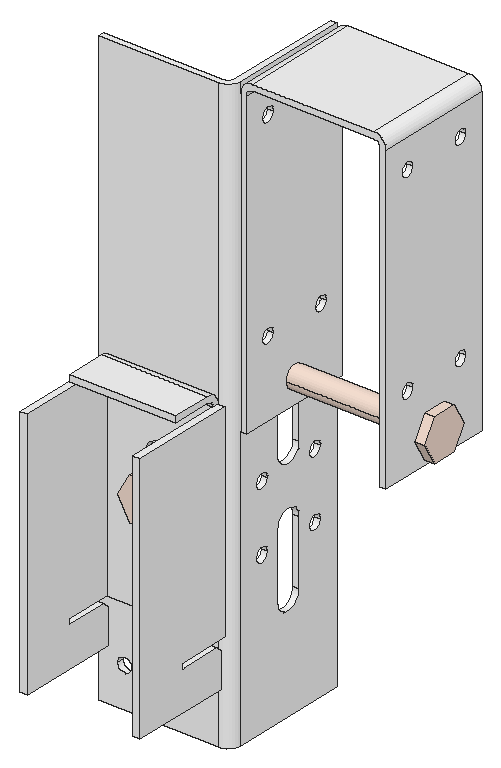
Revit family "kirii-angle-clamp-L100_c100", category 機械設備, Revit 2022
Family settings
  丸型コネクタ寸法 = 直径を使用
  種別 = なし
  パーツ タイプ = 標準
  作業面ベース = いいえ
  常に垂直 = はい
  ロード時にボイドで切り取り = いいえ
  注釈の向きを維持 = いいえ
  共有 = いいえ
  部屋計算ポイント = いいえ
Parameters
  製造元 = "株式会社桐井製作所"
  既定の高さ = 0 mm
  URL = "https://www.kirii.co.jp/"
  K_板厚(mm) = 2.3 mm
  K_品名 = "KIRIIアングルクランプL100(C100用)"
  K_名称 = "支持構造部接合金具"
  K_バージョン情報 = "240619"
Reference planes
  plane 1 "中心(正面/背面)": y = 0
  plane 2: z = 0
  plane 3 "中心(左/右)": x = 0
Forms (mm)
  Extrusion 1, solid
    sketch origin (-2.3, 45, 80) x (-1, 0, 0) y (0, -1, 0)
      loop
        line (-2.3, -0.4) -> (0, -0.4) -> (0, 45)
        arc (0, 45) -> (0.674, 46.626) -> (2.3, 47.3) r 2.3
        line (2.3, 47.3) -> (47.7, 47.3) -> (47.7, 49.6) -> (2.3, 49.6)
        arc (2.3, 49.6) -> (-0.953, 48.253) -> (-2.3, 45) r 4.6
        line (-2.3, 45) -> (-2.3, -0.4)
    from 145 to -80
  Extrusion 2, void
    sketch origin (0, 45, 0) x (0, -1, 0) y (0, 0, 1)
      loop
        circle (35, 210.2) r 2.75
      loop
        circle (10, 210.2) r 2.75
      loop
        circle (35, 185.2) r 2.75
      loop
        circle (10, 185.2) r 2.75
      loop
        circle (35, 160.2) r 2.75
      loop
        circle (10, 160.2) r 2.75
      loop
        circle (35, 135.2) r 2.75
      loop
        circle (10, 135.2) r 2.75
      loop
        circle (35, 110.2) r 2.75
      loop
        circle (10, 110.2) r 2.75
      loop
        circle (35, 85.2) r 2.75
      loop
        circle (10, 85.2) r 2.75
      loop
        circle (35, 60.2) r 2.75
      loop
        circle (10, 60.2) r 2.75
      loop
        arc (27.75, 115.45) -> (22.5, 120.7) -> (17.25, 115.45) r 5.25
        line (17.25, 115.45) -> (17.25, 90.95)
        arc (17.25, 90.95) -> (22.5, 85.7) -> (27.75, 90.95) r 5.25
        line (27.75, 90.95) -> (27.75, 115.45)
      loop
        arc (27.75, 65.45) -> (22.5, 70.7) -> (17.25, 65.45) r 5.25
        line (17.25, 65.45) -> (17.25, 40.95)
        arc (17.25, 40.95) -> (22.5, 35.7) -> (27.75, 40.95) r 5.25
        line (27.75, 40.95) -> (27.75, 65.45)
    from 2.3 to 0
  Extrusion 3, solid
    sketch origin (2.3, 45, 130.616) x (-1, 0, 0) y (0, 0, 1)
      loop
        line (0, -24.3) -> (2.3, -24.3) -> (2.3, 90.4)
        arc (2.3, 90.4) -> (0.953, 93.653) -> (-2.3, 95) r 4.6
        line (-2.3, 95) -> (-48.2, 95)
        arc (-48.2, 95) -> (-51.453, 93.653) -> (-52.8, 90.4) r 4.6
        line (-52.8, 90.4) -> (-52.8, -24.3) -> (-50.5, -24.3) -> (-50.5, 90.4)
        arc (-50.5, 90.4) -> (-49.826, 92.026) -> (-48.2, 92.7) r 2.3
        line (-48.2, 92.7) -> (-2.3, 92.7)
        arc (-2.3, 92.7) -> (-0.674, 92.026) -> (0, 90.4) r 2.3
        line (0, 90.4) -> (0, -24.3)
    from 0 to -45
  Extrusion 4, void
    sketch origin (0, 45, 0) x (0, -1, 0) y (0, 0, 1)
      loop
        circle (35, 210.2) r 2.75
      loop
        circle (10, 210.2) r 2.75
      loop
        circle (35, 135.2) r 2.75
      loop
        circle (10, 135.2) r 2.75
    from 0 to -2.3
  Extrusion 5, void
    sketch origin (52.8, 45, 0) x (0, -1, 0) y (0, 0, 1)
      loop
        circle (35, 210.2) r 2.75
      loop
        circle (10, 210.2) r 2.75
      loop
        circle (35, 135.2) r 2.75
      loop
        circle (10, 135.2) r 2.75
    from 0 to -2.3
  Extrusion 6, void
    sketch origin (0, -4.2, 80) x (-1, 0, 0) y (0, 0, -1)
      loop
        circle (25, 0) r 4.5
    from -1.9 to -4.6
  Extrusion 7, void
    sketch origin (0, -4.2, 0) x (-1, 0, 0) y (0, 0, -1)
      loop
        circle (15, -15.2) r 2.75
      loop
        circle (40, -15.2) r 2.75
    from 0.4 to -1.9
  Extrusion 8, solid
    sketch origin (0, -4.2, 80) x (-1, 0, 0) y (0, 0, -1)
      loop
        circle (25, 0) r 5
      loop
        circle (25, 0) r 4.5
    from -1.9 to -4.6
  Extrusion 9, solid
    sketch origin (0, 0.4, 80) x (0, 1, 0) y (0, 0, -1)
      loop
        line (-5, -36) -> (-5, 42) -> (-7.3, 42) -> (-7.3, -36)
        arc (-7.3, -36) -> (-7.974, -37.626) -> (-9.6, -38.3) r 2.3
        line (-9.6, -38.3) -> (-25, -38.3) -> (-25, -40.6) -> (-9.6, -40.6)
        arc (-9.6, -40.6) -> (-6.347, -39.253) -> (-5, -36) r 4.6
    from 5 to 45
  Extrusion 10, solid
    sketch origin (0, 0.4, 80) x (-1, 0, 0) y (0, 0, -1)
      loop
        line (2.3, -36) -> (5, -36) -> (5, 59) -> (2.3, 59) -> (2.3, -36)
      loop
        line (45, -36) -> (47.7, -36) -> (47.7, 59) -> (45, 59) -> (45, -36)
    from 5 to 45
  Extrusion 11, void
    sketch origin (0, 0.4, 80) x (0, 1, 0) y (0, 0, -1)
      loop
        line (-25.5, 42) -> (-5, 42) -> (-5, 59) -> (-7, 59) -> (-7, 46) -> (-9, 44) -> (-25.5, 44) -> (-25.5, 42)
    from 47.7 to 45
  Extrusion 12, void
    sketch origin (0, -4.2, 80) x (-1, 0, 0) y (0, 0, -1)
      loop
        circle (25, 0) r 4.5
    from -1.9 to -4.6
  Extrusion 13, void
    sketch origin (0, 0.4, 80) x (-1, 0, 0) y (0, 0, -1)
      loop
        line (30.25, -12.25) -> (30.25, 12.25)
        arc (30.25, 12.25) -> (28.712, 15.962) -> (25, 17.5) r 5.25
        arc (25, 17.5) -> (21.288, 15.962) -> (19.75, 12.25) r 5.25
        line (19.75, 12.25) -> (19.75, -12.25)
        arc (19.75, -12.25) -> (21.288, -15.962) -> (25, -17.5) r 5.25
        arc (25, -17.5) -> (28.712, -15.962) -> (30.25, -12.25) r 5.25
    from 7.3 to 5
  Extrusion 14, void
    sketch origin (0, 0.4, 80) x (-1, 0, 0) y (0, 0, -1)
      loop
        circle (25, 32) r 2.25
    from 7.3 to 5
  Extrusion 15, void
    sketch origin (42.7, 0.4, 80) x (0, 1, 0) y (0, 0, -1)
      loop
        line (-25.5, 42) -> (-5, 42) -> (-5, 59) -> (-7, 59) -> (-7, 46) -> (-9, 44) -> (-25.5, 44) -> (-25.5, 42)
    from 47.7 to 45
Cuts and joins
  Extrusion 6 cuts Extrusion 8
  Extrusion 2, Extrusion 7, Extrusion 15 cuts Extrusion 1
  Extrusion 2, Extrusion 4, Extrusion 5, Extrusion 15 cuts Extrusion 3
  Extrusion 11, Extrusion 13, Extrusion 14, Extrusion 15 cuts Extrusion 9
  Extrusion 11, Extrusion 14, Extrusion 15 cuts Extrusion 10
  joined: Extrusion 1, Extrusion 3, Extrusion 9, Extrusion 10
Dimensions and locks
  aligned and locked: level to plane 2
Nested families
  nested 1: "M10×60ボルト" at (59.1, 22.5, 116.316) x (0, 1, 0) z (0, 0, 1), type "M10×60ボルト"
  nested 2: "M10×25ボルト" at (-25, -15.5, 80), type "M10×25ボルト"
Definition of nested family "M10×60ボルト"
  Parameters (values of type "M10×60ボルト")
    Manufacturer = "株式会社桐井製作所"
    Default Elevation = 0 mm
    URL = "https://www.kirii.co.jp/"
    K_材料規格 = "M10×L60"
    K_品名 = "M10×60ボルト"
    K_名称 = "M10×60ボルト"
    K_備考 = "KIRIIアングルクランプ付属品"
  Reference planes
    plane 1 "中心(正面/背面)": y = 0
    plane 2: z = 0
    plane 3 "中心(左/右)": x = 0
    plane 4: x = 8
    plane 5: x = -8
    plane 6 "正面": y = -4
    plane 7: z = 8
    plane 8: z = -8
  Forms (mm)
    Extrusion 1, solid
      sketch origin (0, 0, 0) x (1, 0, 0) y (0, 0, 1)
        loop
          line (-4.619, 8) -> (-9.238, 0) -> (-4.619, -8) -> (4.619, -8) -> (9.238, 0) -> (4.619, 8) -> (-4.619, 8)
      from 0 to 4
    Extrusion 2, solid
      sketch origin (0, 0, 25.676) x (1, 0, 0) y (0, 0, 1)
        loop
          circle (0, -25.676) r 4.1
      from 4 to 64
  Cuts and joins
    joined: Extrusion 1, Extrusion 2
  Lines and regions (mm)
    model lines
      curve 1: circle (0, 0, 0) r 8 normal (0, -1, 0)
  Dimensions and locks
    aligned and locked: level to plane 2
Definition of nested family "M10×25ボルト"
  Parameters (values of type "M10×25ボルト")
    Manufacturer = "株式会社桐井製作所"
    Default Elevation = 0 mm
    URL = "https://www.kirii.co.jp/"
    K_材料規格 = "M10×L25"
    K_品名 = "M10×25ボルト"
    K_名称 = "M10×25ボルト"
    K_備考 = "KIRIIアングルクランプ付属品"
  Reference planes
    plane 1 "中心(正面/背面)": y = 0
    plane 2: z = 0
    plane 3 "中心(左/右)": x = 0
    plane 4: x = 8
    plane 5: x = -8
    plane 6 "正面": y = -4
    plane 7: z = 8
    plane 8: z = -8
  Forms (mm)
    Extrusion 1, solid
      sketch origin (0, 0, 0) x (1, 0, 0) y (0, 0, 1)
        loop
          line (-4.619, 8) -> (-9.238, 0) -> (-4.619, -8) -> (4.619, -8) -> (9.238, 0) -> (4.619, 8) -> (-4.619, 8)
      from 0 to 4
    Extrusion 2, solid
      sketch origin (0, 0, 25.676) x (1, 0, 0) y (0, 0, 1)
        loop
          circle (0, -25.676) r 4.1
      from 4 to 29
  Cuts and joins
    joined: Extrusion 1, Extrusion 2
  Lines and regions (mm)
    model lines
      curve 1: circle (0, 0, 0) r 8 normal (0, -1, 0)
  Dimensions and locks
    aligned and locked: level to plane 2
